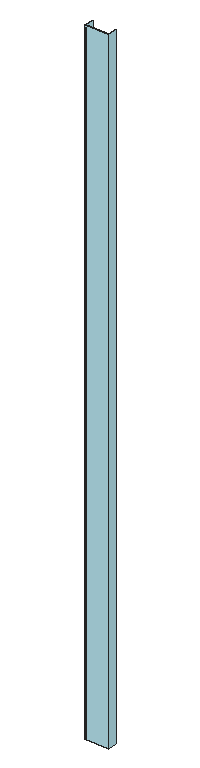
Revit family "c38x15x1-6", category 機械設備, Revit 2022
Family settings
  丸型コネクタ寸法 = 直径を使用
  種別 = なし
  パーツ タイプ = 標準
  作業面ベース = いいえ
  常に垂直 = はい
  ロード時にボイドで切り取り = いいえ
  注釈の向きを維持 = いいえ
  共有 = いいえ
  部屋計算ポイント = いいえ
Parameters
  製造元 = "株式会社桐井製作所"
  既定の高さ = 0 mm
  URL = "https://www.kirii.co.jp/"
  K_長さ(mm) [instance] = 1000 mm
  K_外形寸法(mm) = "38×15×1.6"
  K_品名 = "チャンネルC-38×15×1.6(折曲加工)"
  K_名称 = "斜め部材(ブレース材)"
  K_バージョン情報 = "20211216"
Reference planes
  plane 1 "中心(正面/背面)": y = 0
  plane 2: z = 0
  plane 3 "中心(左/右)": x = 0
  plane 4: x = 19
  plane 5: x = -19
  plane 6: z = 1000
Forms (mm)
  Extrusion 1, solid
    sketch origin (0, 1, 0) x (1, 0, 0) y (0, 1, 0)
      loop
        line (-19, 14) -> (-19, -1) -> (19, -1) -> (19, 14) -> (17.4, 14) -> (17.4, 0.6) -> (-17.4, 0.6) -> (-17.4, 14) -> (-19, 14)
    from 0 to 1000
Dimensions and locks
  "K_長さ(mm)": plane 6 to plane 2
  aligned and locked: level to plane 2
  aligned and locked: plane 6 to Extrusion 1
Automatic sketch dimensions
  plane 1 "中心(正面/背面)" to Extrusion 1 sketch curve = 0 mm
  Extrusion 1 sketch curve to plane 5 = 0 mm
  Extrusion 1 sketch curve to plane 4 = 0 mm
  plane 5 to Extrusion 1 sketch curve = 1.6 mm
  Extrusion 1 sketch curve to plane 4 = 1.6 mm
  Extrusion 1 sketch curve to plane 1 "中心(正面/背面)" = 1.6 mm
  Extrusion 1 sketch curve to Extrusion 1 sketch curve = 13.4 mm  (x2)
